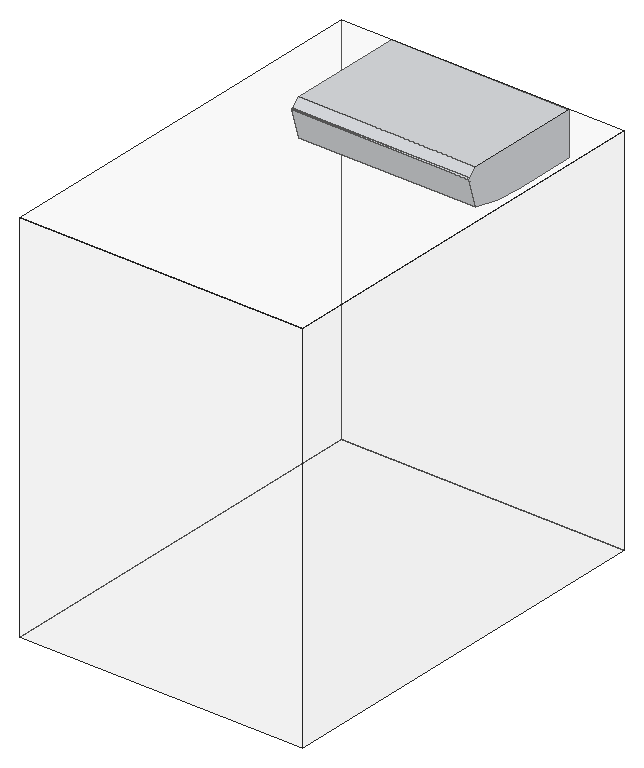
Revit family "pc-rp40160kal20_60hz", category 機械設備, Revit 2019
Family settings
  丸型コネクタ寸法 = 直径を使用
  パーツ タイプ = 標準
  OmniClass 番号 = 23.75.10.24.21.27.27
  OmniClass タイトル = Split System Air Conditioning Units
  作業面ベース = いいえ
  常に垂直 = はい
  ロード時にボイドで切り取り = いいえ
  共有 = いいえ
  部屋計算ポイント = はい
Parameters (values of type "天吊_PC-RP40KA20")
  風量_静 (㎥/min) = 9
  風量_弱 (㎥/min) = 10
  風量_中 (㎥/min) = 11
  風量_強 (㎥/min) = 13
  風量 = MAX風量  # 780.0 m³/h
  音響パワーレベル_静 (dB) = 48
  音響パワーレベル_弱 (dB) = 50
  音響パワーレベル_中 (dB) = 53
  音響パワーレベル(dB) = [音響パワーレベル_強 (dB)]  # 55
  音響パワーレベル_強 (dB) = 55
  電源種別 = ""
  電源_H = 0 mm
  電圧 = 0 V
  電動機出力_送風機 = 0.09 kW
  運転質量 = 0.00 kg
  連動 = ""
  質量 = if(製品質量 > 運転質量, 製品質量, 運転質量) * 1.2  # 28.80 kg
  負荷分類 = 3_ファン類
  説明 = "店舗・事務所用パッケージエアコン(Mr.SLIM) [本体] 天吊形室内機"
  設計暖房能力 = 0.00 kW
  設計冷房能力_顕熱 = 0 kW
  設計冷房能力 = 0 kW
  設置方法 = "天井吊形"
  記号 = ""
  製造元 = "三菱電機株式会社"
  製品質量 = 24.00 kg
  製品出荷対象 = "国内"
  製品リリース年月 = ""
  製品グループ = ""
  背面_液管接続口 = 184 mm
  背面_ドレン管接続口 = 233 mm
  背面_ガス管接続口 = 203 mm
  系統 = ""
  符号 = "ACP-CR"
  積算_科目 = "1 空気調和設備"
  積算_拾い区分 [instance] = ""
  相 = 1
  盤記号 = ""
  発停方法 = "付属スイッチ"
  特殊仕様 = ""
  点検口離隔 [instance] = if(点検口離隔入力値 > 200 mm, 200 mm, if(点検口離隔入力値 < 150 mm, 150 mm, 点検口離隔入力値))  # 150 mm
  点検口離隔入力値 [instance] = 0 mm
  点検口設置範囲 = 0 mm
  点検口 = yes
  火災停止 = ""
  消費電力_暖房 = 0.04 kW
  消費電力_冷房 = 0.05 kW
  消費電力 = if(消費電力_冷房 > 消費電力_暖房, 消費電力_冷房, 消費電力_暖房)  # 0.05 kW
  法定耐用年数 = "6"
  極数 = 1
  材質 = ""
  本体マテリアル = none
  有効加湿量 = 0
  暖房能力 = 4.00 kW
  推奨ブレーカー容量 = 0 A
  形式_加湿器 = ""
  形式 = "天井吊（露出）形"
  幹線記号 = ""
  始動方式 = "直入"
  呼称 = "室内機_天井吊(露出)形"
  周波数 = 60 Hz
  吊り位置Y = 320 mm
  吊り位置X = 917 mm
  吊りボルト_H = 50 mm
  台数_手元リモコン = ""
  台数_冷媒分岐ユニット = ""
  参照している仕様書等のバージョン = "公共建築物標準仕様書（機械設備工事編）平成31年度版"
  加湿給水管径 = 0 mm
  分類コード = "5.0053E+13"
  分類グループ = ""
  冷房能力 = 3.6 kW
  冷媒高低圧ガス管径 = 0 mm
  冷媒管径符号 = "Ac"
  冷媒管径 = 100 mm
  冷媒液管高さ = 126 mm
  冷媒液管径 = 6.35 mm
  冷媒ガス管高さ = 126 mm
  冷媒ガス管径 = 12.7 mm
  価格 = 0
  企業コード = "108420"
  付属品_フィルター = ""
  付属品 = ""
  仕様書バージョン = "Version1.0"
  モデル = "PC-RP40KA20"
  パネルマテリアル = none
  ドレン管高さ = 190 mm
  ドレン管径 (外径) = 26 mm
  ドレン管径 = 20 mm
  サービススペース = yes
  コメント [instance] = ""
  ケーブル種類1 = ""
  ケーブルサイズ1 = 0 mm
  【値が 0 の項目は組合せ形名にてご確認ください】 = ""
  Width = 960 mm
  Version = ""
  Uniclass2015Version = "Systems v1.9"
  Uniclass2015Title = "Split coil remote air cooled condensing units"
  Uniclass2015Code = "Pr_70_65_03_84"
  URL = "https://www.mitsubishielectric.co.jp/ldg/wink/ssl/top.do"
  SpecificationReference = ""
  SpecificationDescription = ""
  Revision = ""
  ProductInformation = ""
  OmniClassCode = "23-33 17 13 11"
  MIN風量 = [風量_静 (㎥/min)] * 60.0 m³/h  # 540.0 m³/h
  MID風量2 = [風量_弱 (㎥/min)] * 60.0 m³/h  # 600.0 m³/h
  MID風量 = [風量_中 (㎥/min)] * 60.0 m³/h  # 660.0 m³/h
  MAX風量 = [風量_強 (㎥/min)] * 60.0 m³/h  # 780.0 m³/h
  IfcTypeProduct = ""
  IfcProduct = ""
  IfcExportType = "AIRCONDITIONINGUNIT"
  IfcExportAs = "IfcUnitaryEquipmentType"
  Height_本体 = 230 mm
  Height = Height_本体 + 6 mm  # 236 mm
  Depth = 680 mm
  Clearance Top = 1 mm
  Clearance Right = 300 mm
  Clearance Left = 270 mm
  Clearance Front = 1500 mm
  Clearance Bottom = 1800 mm
  Clearance Back = 0 mm
  Author = "三菱電機株式会社"
Types (20, lengths in mm): name | 風量_静 (㎥/min) | 風量_弱 (㎥/min) | 風量_中 (㎥/min) | 風量_強 (㎥/min) | 風量 | 音響パワーレベル_静 (dB) | 音響パワーレベル_弱 (dB) | 音響パワーレベル_中 (dB) | 音響パワーレベル(dB) | 音響パワーレベル_強 (dB) | 電動機出力_送風機 | 質量 | 製品質量 | 製品リリース年月 | 背面_液管接続口 | 背面_ガス管接続口 | 消費電力_暖房 | 消費電力_冷房 | 消費電力 | 暖房能力 | 吊り位置X | 冷房能力 | 冷媒管径符号 | 冷媒液管径 | 冷媒ガス管径 | モデル | Width | MIN風量 | MID風量2 | MID風量 | MAX風量
  天吊_PC-RP45KAL20 | 9 | 10 | 11 | 13 | 780.0 m³/h | 48 | 50 | 53 | 55 | 55 | 0.09 kW | 28.80 kg | 24.00 kg | "" | 184 | 203 | 0.04 kW | 0.05 kW | 0.05 kW | 4.50 kW | 917 | 4 kW | "Ac" | 6.35 | 12.7 | "PC-RP45KAL20" | 960 | 540.0 m³/h | 600.0 m³/h | 660.0 m³/h | 780.0 m³/h
  天吊_PC-RP56KAL20 | 10 | 11 | 12 | 13 | 780.0 m³/h | 48 | 50 | 53 | 55 | 55 | 0.09 kW | 30.00 kg | 25.00 kg | "" | 184 | 203 | 0.05 kW | 0.06 kW | 0.06 kW | 5.60 kW | 917 | 5 kW | "Ac" | 6.35 | 12.7 | "PC-RP56KAL20" | 960 | 600.0 m³/h | 660.0 m³/h | 720.0 m³/h | 780.0 m³/h
  天吊_PC-RP71KAL20 | 13 | 16 | 18 | 20 | 1200.0 m³/h | 50 | 53 | 55 | 57 | 57 | 0.095 kW | 38.40 kg | 32.00 kg | "" | 180 | 200 | 0.09 kW | 0.10 kW | 0.10 kW | 7.10 kW | 1237 | 6.3 kW | "Bd" | 9.52 | 15.88 | "PC-RP71KAL20" | 1280 | 780.0 m³/h | 960.0 m³/h | 1080.0 m³/h | 1200.0 m³/h
  天吊_PC-RP80KAL20 | 13 | 16 | 18 | 20 | 1200.0 m³/h | 50 | 53 | 55 | 57 | 57 | 0.095 kW | 38.40 kg | 32.00 kg | "" | 180 | 200 | 0.09 kW | 0.10 kW | 0.10 kW | 8.00 kW | 1237 | 7.1 kW | "Bd" | 9.52 | 15.88 | "PC-RP80KAL20" | 1280 | 780.0 m³/h | 960.0 m³/h | 1080.0 m³/h | 1200.0 m³/h
  天吊_PC-RP112KAL20 | 20 | 22 | 26 | 29 | 1740.0 m³/h | 54 | 56 | 59 | 62 | 62 | 0.16 kW | 45.60 kg | 38.00 kg | "" | 180 | 200 | 0.11 kW | 0.12 kW | 0.12 kW | 11.20 kW | 1557 | 10 kW | "Bd" | 9.52 | 15.88 | "PC-RP112KAL20" | 1600 | 1200.0 m³/h | 1320.0 m³/h | 1560.0 m³/h | 1740.0 m³/h
  天吊_PC-RP140KAL20 | 21 | 24 | 27 | 31 | 1860.0 m³/h | 56 | 58 | 61 | 63 | 63 | 0.16 kW | 45.60 kg | 38.00 kg | "0" | 180 | 200 | 0.13 kW | 0.14 kW | 0.14 kW | 14.00 kW | 1557 | 12.5 kW | "Bd" | 9.52 | 15.88 | "PC-RP140KAL20" | 1600 | 1260.0 m³/h | 1440.0 m³/h | 1620.0 m³/h | 1860.0 m³/h
  天吊_PC-RP160KAL20 | 22 | 25 | 28 | 33 | 1980.0 m³/h | 58 | 60 | 62 | 65 | 65 | 0.16 kW | 45.60 kg | 38.00 kg | "" | 180 | 200 | 0.16 kW | 0.17 kW | 0.17 kW | 16.00 kW | 1557 | 14 kW | "Bd" | 9.52 | 15.88 | "PC-RP160KAL20" | 1600 | 1320.0 m³/h | 1500.0 m³/h | 1680.0 m³/h | 1980.0 m³/h
  天吊_PC-RP63KAL20 | 12 | 14 | 15 | 17 | 1020.0 m³/h | 49 | 51 | 53 | 55 | 55 | 0.095 kW | 38.40 kg | 32.00 kg | "" | 184 | 203 | 0.06 kW | 0.07 kW | 0.07 kW | 6.30 kW | 1237 | 5.6 kW | "Ac" | 6.35 | 12.7 | "PC-RP63KAL20" | 1280 | 720.0 m³/h | 840.0 m³/h | 900.0 m³/h | 1020.0 m³/h
  天吊_PC-RP40KAL20 | 9 | 10 | 11 | 13 | 780.0 m³/h | 48 | 50 | 53 | 55 | 55 | 0.09 kW | 28.80 kg | 24.00 kg | "" | 184 | 203 | 0.04 kW | 0.05 kW | 0.05 kW | 4.00 kW | 917 | 3.6 kW | "Ac" | 6.35 | 12.7 | "PC-RP40KAL20" | 960 | 540.0 m³/h | 600.0 m³/h | 660.0 m³/h | 780.0 m³/h
  天吊_PC-RP50KAL20 | 10 | 11 | 12 | 13 | 780.0 m³/h | 48 | 50 | 53 | 55 | 55 | 0.09 kW | 30.00 kg | 25.00 kg | "" | 184 | 203 | 0.05 kW | 0.06 kW | 0.06 kW | 5.00 kW | 917 | 4.5 kW | "Ac" | 6.35 | 12.7 | "PC-RP50KAL20" | 960 | 600.0 m³/h | 660.0 m³/h | 720.0 m³/h | 780.0 m³/h
  天吊_PC-RP112KA20 | 20 | 22 | 26 | 29 | 1740.0 m³/h | 54 | 56 | 59 | 62 | 62 | 0.16 kW | 45.60 kg | 38.00 kg | "" | 180 | 200 | 0.11 kW | 0.12 kW | 0.12 kW | 11.20 kW | 1557 | 10 kW | "Bd" | 9.52 | 15.88 | "PC-RP112KA20" | 1600 | 1200.0 m³/h | 1320.0 m³/h | 1560.0 m³/h | 1740.0 m³/h
  天吊_PC-RP140KA20 | 21 | 24 | 27 | 31 | 1860.0 m³/h | 56 | 58 | 61 | 63 | 63 | 0.16 kW | 45.60 kg | 38.00 kg | "" | 180 | 200 | 0.13 kW | 0.14 kW | 0.14 kW | 14.00 kW | 1557 | 12.5 kW | "Bd" | 9.52 | 15.88 | "PC-RP140KA20" | 1600 | 1260.0 m³/h | 1440.0 m³/h | 1620.0 m³/h | 1860.0 m³/h
  天吊_PC-RP160KA20 | 22 | 25 | 28 | 33 | 1980.0 m³/h | 58 | 60 | 62 | 65 | 65 | 0.16 kW | 45.60 kg | 38.00 kg | "" | 180 | 200 | 0.16 kW | 0.17 kW | 0.17 kW | 16.00 kW | 1557 | 14 kW | "Bd" | 9.52 | 15.88 | "PC-RP160KA20" | 1600 | 1320.0 m³/h | 1500.0 m³/h | 1680.0 m³/h | 1980.0 m³/h
  天吊_PC-RP40KA20 | 9 | 10 | 11 | 13 | 780.0 m³/h | 48 | 50 | 53 | 55 | 55 | 0.09 kW | 28.80 kg | 24.00 kg | "" | 184 | 203 | 0.04 kW | 0.05 kW | 0.05 kW | 4.00 kW | 917 | 3.6 kW | "Ac" | 6.35 | 12.7 | "PC-RP40KA20" | 960 | 540.0 m³/h | 600.0 m³/h | 660.0 m³/h | 780.0 m³/h
  天吊_PC-RP45KA20 | 9 | 10 | 11 | 13 | 780.0 m³/h | 48 | 50 | 53 | 55 | 55 | 0.09 kW | 28.80 kg | 24.00 kg | "" | 184 | 203 | 0.04 kW | 0.05 kW | 0.05 kW | 4.50 kW | 917 | 4 kW | "Ac" | 6.35 | 12.7 | "PC-RP45KA20" | 960 | 540.0 m³/h | 600.0 m³/h | 660.0 m³/h | 780.0 m³/h
  天吊_PC-RP50KA20 | 10 | 11 | 12 | 13 | 780.0 m³/h | 48 | 50 | 53 | 55 | 55 | 0.09 kW | 30.00 kg | 25.00 kg | "" | 184 | 203 | 0.05 kW | 0.06 kW | 0.06 kW | 5.00 kW | 917 | 4.5 kW | "Ac" | 6.35 | 12.7 | "PC-RP50KA20" | 960 | 600.0 m³/h | 660.0 m³/h | 720.0 m³/h | 780.0 m³/h
  天吊_PC-RP56KA20 | 10 | 11 | 12 | 13 | 780.0 m³/h | 48 | 50 | 53 | 55 | 55 | 0.09 kW | 30.00 kg | 25.00 kg | "" | 184 | 203 | 0.05 kW | 0.06 kW | 0.06 kW | 5.60 kW | 917 | 5 kW | "Ac" | 6.35 | 12.7 | "PC-RP56KA20" | 960 | 600.0 m³/h | 660.0 m³/h | 720.0 m³/h | 780.0 m³/h
  天吊_PC-RP63KA20 | 12 | 14 | 15 | 17 | 1020.0 m³/h | 49 | 51 | 53 | 55 | 55 | 0.095 kW | 38.40 kg | 32.00 kg | "" | 184 | 203 | 0.06 kW | 0.07 kW | 0.07 kW | 6.30 kW | 1237 | 5.6 kW | "Ac" | 6.35 | 12.7 | "PC-RP63KA20" | 1280 | 720.0 m³/h | 840.0 m³/h | 900.0 m³/h | 1020.0 m³/h
  天吊_PC-RP71KA20 | 13 | 16 | 18 | 20 | 1200.0 m³/h | 50 | 53 | 55 | 57 | 57 | 0.095 kW | 38.40 kg | 32.00 kg | "" | 180 | 200 | 0.09 kW | 0.10 kW | 0.10 kW | 7.10 kW | 1237 | 6.3 kW | "Bd" | 9.52 | 15.88 | "PC-RP71KA20" | 1280 | 780.0 m³/h | 960.0 m³/h | 1080.0 m³/h | 1200.0 m³/h
  天吊_PC-RP80KA20 | 13 | 16 | 18 | 20 | 1200.0 m³/h | 50 | 53 | 55 | 57 | 57 | 0.095 kW | 38.40 kg | 32.00 kg | "" | 180 | 200 | 0.09 kW | 0.10 kW | 0.10 kW | 8.00 kW | 1237 | 7.1 kW | "Bd" | 9.52 | 15.88 | "PC-RP80KA20" | 1280 | 780.0 m³/h | 960.0 m³/h | 1080.0 m³/h | 1200.0 m³/h
Reference planes
  plane 1 "中心(正面/背面)": y = 0
  plane 2: z = 0
  plane 3 "中心(左/右)": x = 0
  plane 4: z = 236
  plane 5: y = 260
  plane 6: y = -60
  plane 7: y = 340
  plane 8: y = -340
  plane 9: x = -480
  plane 10: x = 480
  plane 11: x = -750
  plane 12: x = 780
  plane 13 "back": y = 340
  plane 14: y = -1840
  plane 15: z = 237
  plane 16: z = -1800
  plane 17: x = 394
  plane 18: x = 309
  plane 19: z = 110
  plane 20 "液管": y = 156
  plane 21: y = 340
  plane 22 "ガス管": y = 137
  plane 23 "ドレン管": y = 107
  plane 24: x = 342
  plane 25: z = 46
  plane 26: x = -405
  plane 27: x = 351.5
Forms (mm)
  Extrusion 1, solid, detail levels fine
    sketch origin (0, 156, 0) x (0, 0, -1) y (1, 0, 0)
      loop
        circle (-110, 309) r 3.175
    from 0 to 100
  Extrusion 2, solid, detail levels fine
    sketch origin (0, 137, 0) x (0, 0, -1) y (1, 0, 0)
      loop
        circle (-110, 394) r 6.35
    from 0 to 100
  Extrusion 3, solid, detail levels fine
    sketch origin (0, 107, 0) x (0, 0, -1) y (1, 0, 0)
      loop
        circle (-46, 342) r 13
    from 0 to 100
  Extrusion 4, solid, detail levels fine
    sketch origin (0, 107, 0) x (0, 0, -1) y (1, 0, 0)
      loop
        circle (-46, -405) r 13
    from 0 to 100
  Extrusion 5, solid, detail levels fine
    sketch origin (0, 137, 0) x (0, 0, -1) y (1, 0, 0)
      loop
        circle (-110, 351.5) r 50
    from 0 to 120
Dimensions and locks
  "吊り位置Y": plane 6 to plane 5
  equal spacing: plane 8, plane 1 "中心(正面/背面)", plane 7
  "Depth": plane 8 to plane 7
  equal spacing: plane 9, plane 3 "中心(左/右)", plane 10
  "Width": plane 9 to plane 10
  "Clearance Back": plane 7 to plane 13 "back"
  "Clearance Front": plane 14 to plane 8
  "Clearance Right": plane 10 to plane 12
  "Clearance Left": plane 11 to plane 9
  "Height": plane 4 to level
  locked: plane 5 to plane 7 at 80
  "Clearance Bottom": level to plane 16
  "Clearance Top": plane 15 to plane 4
  plane 10 to plane 9 = 960 mm
  "背面_液管接続口": plane 20 "液管" to plane 21
  "背面_ガス管接続口": plane 22 "ガス管" to plane 21
  "背面_ドレン管接続口": plane 23 "ドレン管" to plane 21
  "冷媒ガス管高さ": plane 4 to plane 19
  "ドレン管高さ": plane 4 to plane 25
  plane 17 to plane 27 to plane 18 = 42.5 mm, 42.5 mm
  locked: plane 10 to plane 17 at 86
  locked: plane 17 to plane 18 at 85
  locked: plane 10 to plane 24 at 138
  locked: plane 26 to plane 9 at 75
  diameter of Extrusion 2 = 12.7 mm
  diameter of Extrusion 1 = 6.35 mm
  "ドレン管径 (外径)": diameter of Extrusion 3
  "ドレン管径 (外径)": diameter of Extrusion 4
  aligned and locked: level to plane 2
  aligned and locked: nested 2 to plane 5
  aligned and locked: plane 6 to nested 2
  aligned and locked: nested 1 to plane 11
  aligned and locked: nested 1 to plane 12
  aligned and locked: plane 14 to nested 1
  aligned and locked: plane 13 "back" to nested 1
  aligned and locked: plane 15 to nested 1
  aligned and locked: plane 1 "中心(正面/背面)" to nested 3
  aligned and locked: plane 3 "中心(左/右)" to nested 3
  aligned and locked: plane 16 to nested 1
  aligned and locked: Extrusion 1 to plane 20 "液管"
  aligned and locked: Extrusion 2 to plane 22 "ガス管"
  aligned and locked: Extrusion 3 to plane 23 "ドレン管"
  aligned and locked: Extrusion 4 to plane 23 "ドレン管"
Automatic sketch dimensions
  Extrusion 1 sketch curve to plane 18 = 0 mm
  Extrusion 1 sketch curve to plane 19 = 0 mm
  Extrusion 2 sketch curve to plane 17 = 0 mm
  Extrusion 2 sketch curve to plane 19 = 0 mm
  Extrusion 3 sketch curve to plane 24 = 0 mm
  Extrusion 3 sketch curve to plane 25 = 0 mm
  Extrusion 4 sketch curve to plane 25 = 0 mm
  Extrusion 4 sketch curve to plane 26 = 0 mm
  Extrusion 5 sketch curve to plane 19 = 0 mm
  Extrusion 5 sketch curve to plane 27 = 0 mm
  radius of Extrusion 1 sketch curve = 3.175 mm
  radius of Extrusion 2 sketch curve = 6.35 mm
  radius of Extrusion 3 sketch curve = 13 mm
  radius of Extrusion 4 sketch curve = 13 mm
  radius of Extrusion 5 sketch curve = 50 mm
Nested families
  nested 1: "サービススペース" at (15, -750, -781.5), visible <- "サービススペース", type "サービススペース"
    with Width 1530 mm, Height 2037 mm, Depth 2180 mm
  nested 2: "固定点" at (-458.5, -60, 0), type "固定点"
    with W 917 mm, D 320 mm
  nested 3: "PCFY-P-KMG" at (0, 0, 0), type "PCFY-P-KMG", detail levels fine
Connectors
  electrical at (196, 339, 206), driven by "極数", driven by "負荷分類", driven by "電圧", driven by "消費電力"
    settings: on nested 3, index 1, voltage 0 V, apparent load 50 VA, apparent load phase1 0 VA, apparent load phase2 0 VA, apparent load phase3 0 VA, power factor 1, load classification "3_ファン類", number of poles 1, system type 30, power factor state 1, is connector primary yes, connector utility no, sub classification motor no, connector description ""
  piping at (351.5, 137, 110), diameter 100, driven by "冷媒管径"
    settings: on Extrusion 5, index 2, connector inside diameter 609.6 mm, connector length 0 mm, flow factor 0, pipe flow 0.0 L/s, pressure drop 0.0 Pa, fitting loss kfactor 0, connector angle 0.00°, fixture units 0, engagement length 0 mm, angle of deflection 0.00°, flow configuration 1, flow direction 1, fitting loss method 4, system type 7, joint type 0, gender type 0, connector reference index -1, connector utility 0, adjustable connector no, is connector primary yes, connector description "冷媒管"
  piping at (342, 107, 46), diameter 20, driven by "ドレン管径"
    settings: on Extrusion 3, index 3, connector inside diameter 609.6 mm, connector length 0 mm, flow factor 0, pipe flow 0.0 L/s, pressure drop 0.0 Pa, fitting loss kfactor 0, connector angle 0.00°, fixture units 0, engagement length 0 mm, angle of deflection 0.00°, flow configuration 1, flow direction 2, fitting loss method 0, system type 16, joint type 0, gender type 0, connector reference index -1, connector utility 0, adjustable connector no, is connector primary no, connector description "ドレン管1"
  piping at (-405, 107, 46), diameter 20, driven by "ドレン管径"
    settings: on Extrusion 4, index 4, connector inside diameter 609.6 mm, connector length 0 mm, flow factor 0, pipe flow 0.0 L/s, pressure drop 0.0 Pa, fitting loss kfactor 0, connector angle 0.00°, fixture units 0, engagement length 0 mm, angle of deflection 0.00°, flow configuration 1, flow direction 2, fitting loss method 0, system type 16, joint type 0, gender type 0, connector reference index -1, connector utility 0, adjustable connector no, is connector primary no, connector description "ドレン管2"
Definition of nested family "サービススペース"
  Parameters (values of type "サービススペース")
    Width [instance] = 500 mm
    Height [instance] = 500 mm
    Depth [instance] = 500 mm
  Reference planes
    plane 1 "中心(正面/背面)": y = 0
    plane 2: z = 0
    plane 3 "中心(左/右)": x = 0
    plane 4: y = -250
    plane 5: x = 250
    plane 6: y = 250
    plane 7: x = -250
    plane 8: z = 250
    plane 9: z = -250
  Forms (mm)
    Extrusion 1, solid
      sketch origin (-638.939, 0, 72.39) x (1, 0, 0) y (0, 1, 0)
        loop
          line (388.939, 250) -> (388.939, -250) -> (888.939, -250) -> (888.939, 250) -> (388.939, 250)
      from -322.39 to 177.61
  Lines and regions (mm)
    symbolic lines
      curve 1: line (-250, 0, 250) -> (250, 0, 250)
      curve 2: line (-250, 0, -250) -> (-250, 0, 250)
      curve 3: line (250, 0, -250) -> (-250, 0, -250)
      curve 4: line (250, 0, 250) -> (250, 0, -250)
      curve 5: line (0, -250, 250) -> (0, 250, 250)
      curve 6: line (0, -250, -250) -> (0, -250, 250)
      curve 7: line (0, 250, -250) -> (0, -250, -250)
      curve 8: line (0, 250, 250) -> (0, 250, -250)
      curve 9: line (-250, 250, 0) -> (250, 250, 0)
      curve 10: line (-250, -250, 0) -> (-250, 250, 0)
      curve 11: line (250, -250, 0) -> (-250, -250, 0)
      curve 12: line (250, 250, 0) -> (250, -250, 0)
  Dimensions and locks
    equal spacing: plane 7, plane 3 "中心(左/右)", plane 5
    equal spacing: plane 4, plane 1 "中心(正面/背面)", plane 6
    "Depth": plane 4 to plane 6
    "Width": plane 7 to plane 5
    equal spacing: plane 8, plane 2, plane 9
    "Height": plane 8 to plane 9
    aligned and locked: plane 9 to curve 3
    aligned and locked: plane 7 to curve 2
    aligned and locked: curve 4 to plane 5
    aligned and locked: plane 5 to Extrusion 1
    aligned and locked: Extrusion 1 to plane 7
    aligned and locked: Extrusion 1 to plane 9
    aligned and locked: plane 8 to Extrusion 1
    aligned and locked: plane 9 to curve 7
  Automatic sketch dimensions
    plane 4 to Extrusion 1 sketch curve = 0 mm
    Extrusion 1 sketch curve to plane 7 = 0 mm
    Extrusion 1 sketch curve to plane 5 = 0 mm
    plane 6 to Extrusion 1 sketch curve = 0 mm
    curve 2 to plane 8 = 0 mm
    plane 4 to curve 11 = 0 mm
    curve 11 to plane 7 = 0 mm
    curve 11 to plane 5 = 0 mm
    plane 6 to curve 10 = 0 mm
    curve 7 to plane 4 = 0 mm
    curve 7 to plane 6 = 0 mm
    curve 6 to plane 8 = 0 mm
Definition of nested family "PCFY-P-KMG"
  Parameters (values of type "PCFY-P-KMG")
    配線取出口サイズ = 22 mm
    配線取出口-Z = 0 mm
    配線取出口-Y = 0 mm
    配線取出口-X = 0 mm
    液配管サイズ = 100 mm
    高さ = 236 mm
    奥行き = 680 mm
    吊りボルト_H = 50 mm
    冷媒配管サイズ = 6.35 mm
    冷媒液管径-Z = 0 mm
    冷媒液管径-Y = 0 mm
    冷媒液管径-X = 0 mm
    冷媒ガス管径-Z = 0 mm
    冷媒ガス管径-Y = 0 mm
    冷媒ガス管径-X = 0 mm
    吊りボルト-W = 917 mm
    マテリアル = none
    ドレン配管サイズ = 26 mm
    ドレン管径-Z = 0 mm
    ドレン管径-Y = 0 mm
    ドレン管径-X = 0 mm
    ガス配管サイズ = 12.7 mm
    吊りボルト-D = 320 mm
    幅さ = 960 mm
  Reference planes
    plane 1 "中心(正面/背面)": y = 0
    plane 2: z = 0
    plane 3 "中心(左/右)": x = 0
    plane 4: z = 236
    plane 5: x = -480
    plane 6: x = 480
    plane 7: y = 340
    plane 8: y = -340
    plane 9: y = -289
    plane 10: y = -330
    plane 11: y = -335
    plane 12: z = 84
    plane 13: z = 172
    plane 14: z = 195
    plane 15: z = 200
    plane 16: z = 40
    plane 17: x = -426.5
    plane 18: x = 426.5
    plane 19: y = -136
    plane 20: y = -193
    plane 21: y = 86
    plane 22: z = 110
    plane 23: x = -469
    plane 24: y = 156
    plane 25: y = 137
    plane 26: y = 94
    plane 27: x = -158
    plane 28: z = 206
    plane 29: x = 196
    plane 30: x = 158
    plane 31: y = 140
  Forms (mm)
    Extrusion 1, solid, material <- "マテリアル"
      sketch origin (480, 1296.25, 1200) x (0, 1, 0) y (0, 0, 1)
        loop
          line (-1585.25, -964) -> (-1626.25, -1000) -> (-1631.25, -1000) -> (-1636.25, -1005) -> (-1585.25, -1160)
          arc (-1585.25, -1160) -> (-1442.128, -1189.953) -> (-1296.25, -1200) r 1064.013
          line (-1296.25, -1200) -> (-956.25, -1200) -> (-956.25, -964) -> (-1585.25, -964)
      from -960 to 0
    Extrusion 2, solid, material <- "マテリアル"
      sketch origin (674, 0, 0) x (1, 0, 0) y (0, 0, 1)
        loop
          circle (-478, 206) r 11
      from -339 to -340
    Extrusion 3, solid, material <- "マテリアル"
      sketch origin (636, 0, 0) x (1, 0, 0) y (0, 0, 1)
        loop
          circle (-478, 206) r 11
      from -339 to -340
    Extrusion 4, solid, material <- "マテリアル"
      sketch origin (674, 0, -169) x (1, 0, 0) y (0, 0, 1)
        loop
          circle (-478, 206) r 11
      from -339 to -340
    Extrusion 5, solid, material <- "マテリアル"
      sketch origin (636, 0, -169) x (1, 0, 0) y (0, 0, 1)
        loop
          circle (-478, 206) r 11
      from -339 to -340
  Lines and regions (mm)
    model lines
      curve 1: line (426.5, -303.59, 84.341) -> (426.5, -332.355, 171.766)
      curve 2: line (426.5, -332.355, 171.766) -> (-426.5, -332.355, 171.766)
      curve 3: line (-426.5, -303.59, 84.341) -> (426.5, -303.59, 84.341)
      curve 4: line (-426.5, -332.355, 171.766) -> (-426.5, -303.59, 84.341)
      curve 5: line (-426.5, 310, 0) -> (-426.5, 86, 0)
      curve 6: line (426.5, 310, 0) -> (426.5, 86, 0)
      curve 7: line (426.5, 310, 0) -> (-426.5, 310, 0)
      curve 8: line (426.5, 86, 0) -> (-426.5, 86, 0)
      curve 9: line (426.5, 294, 0) -> (-426.5, 294, 0)
      curve 10: line (426.5, 278, 0) -> (-426.5, 278, 0)
      curve 11: line (426.5, 262, 0) -> (-426.5, 262, 0)
      curve 12: line (426.5, 246, 0) -> (-426.5, 246, 0)
      curve 13: line (426.5, 230, 0) -> (-426.5, 230, 0)
      curve 14: line (426.5, 214, 0) -> (-426.5, 214, 0)
      curve 15: line (426.5, 198, 0) -> (-426.5, 198, 0)
      curve 16: line (426.5, 182, 0) -> (-426.5, 182, 0)
      curve 17: line (426.5, 166, 0) -> (-426.5, 166, 0)
      curve 18: line (426.5, 150, 0) -> (-426.5, 150, 0)
      curve 19: line (426.5, 134, 0) -> (-426.5, 134, 0)
      curve 20: line (426.5, 118, 0) -> (-426.5, 118, 0)
      curve 21: line (426.5, 102, 0) -> (-426.5, 102, 0)
  Dimensions and locks
    equal spacing: plane 8, plane 1 "中心(正面/背面)", plane 7
    "奥行き": plane 8 to plane 7
    equal spacing: plane 5, plane 3 "中心(左/右)", plane 6
    "幅さ": plane 5 to plane 6
    "高さ": plane 4 to level
    locked: plane 8 to plane 11 at 5
    locked: plane 8 to plane 10 at 10
    locked: plane 8 to plane 9 at 51
    locked: plane 12 to level at 84
    locked: plane 14 to level at 195
    locked: plane 15 to level at 200
    locked: plane 16 to level at 40
    plane 17 to plane 18 = 853 mm
    locked: plane 5 to plane 17 at 53.5
    locked: plane 18 to plane 6 at 53.5
    locked: plane 13 to plane 12 at 88
    locked: plane 20 to plane 19 at 57
    locked: plane 19 to plane 7 at 476
    locked: plane 21 to plane 7 at 254
    locked: plane 4 to plane 22 at 126
    locked: plane 26 to plane 7 at 246
    locked: plane 24 to plane 7 at 184
    locked: plane 25 to plane 7 at 203
    locked: plane 5 to plane 27 at 322
    locked: plane 4 to plane 28 at 30
    plane 6 to plane 29 = 284 mm
    plane 29 to plane 30 = 38 mm
    "配線取出口サイズ": diameter of Extrusion 2 sketch curve
    "配線取出口サイズ": diameter of Extrusion 3 sketch curve
    "配線取出口サイズ": diameter of Extrusion 4 sketch curve
    "配線取出口サイズ": diameter of Extrusion 5 sketch curve
    aligned and locked: level to plane 2
    aligned and locked: Extrusion 1 sketch curve to plane 4
    aligned and locked: Extrusion 1 sketch curve to plane 7
    aligned and locked: Extrusion 1 sketch curve to level
    aligned and locked: plane 15 to Extrusion 1 sketch curve
    aligned and locked: plane 14 to Extrusion 1 sketch curve
    aligned and locked: plane 16 to Extrusion 1 sketch curve
    aligned and locked: Extrusion 1 to plane 5
    aligned and locked: plane 6 to Extrusion 1
    aligned and locked: curve 4 to plane 17
    aligned and locked: plane 18 to curve 1
    aligned and locked: curve 5 to plane 17
    aligned and locked: curve 6 to plane 18
    aligned and locked: curve 8 to plane 21
    aligned and locked: plane 28 to Extrusion 2 sketch curve
    aligned and locked: plane 7 to Extrusion 2
  Automatic sketch dimensions
    plane 7 to curve 7 = 30 mm
    curve 21 to plane 26 = 8 mm
    curve 21 to curve 20 = 16 mm
    plane 25 to curve 19 = 3 mm
    plane 24 to curve 18 = 6 mm
    curve 17 to plane 24 = 10 mm
    curve 17 to curve 16 = 16 mm
    curve 16 to curve 15 = 16 mm
    curve 15 to curve 14 = 16 mm
    curve 14 to curve 13 = 16 mm
    curve 13 to curve 12 = 16 mm
    curve 12 to curve 11 = 16 mm
    curve 11 to curve 10 = 16 mm
    curve 10 to curve 9 = 16 mm
    Extrusion 1 sketch curve to plane 8 = 0 mm
    Extrusion 1 sketch curve to plane 11 = 0 mm
    Extrusion 1 sketch curve to plane 10 = 0 mm
    Extrusion 1 sketch curve to plane 9 = 0 mm  (x2)
    Extrusion 1 sketch curve to plane 1 "中心(正面/背面)" = 0 mm
    Extrusion 1 to curve 1 = 24.459 mm
    curve 3 to Extrusion 1 = 46.68 mm
    Extrusion 1 to curve 4 = 53.5 mm
    Extrusion 1 to curve 3 = 53.5 mm
    Extrusion 2 sketch curve to plane 29 = 0 mm
    Extrusion 3 sketch curve to plane 28 = 0 mm
    Extrusion 3 sketch curve to plane 30 = 0 mm
    Extrusion 4 sketch curve to plane 29 = 0 mm
    Extrusion 4 sketch curve to plane 16 = 3 mm
    Extrusion 5 sketch curve to plane 30 = 0 mm
    Extrusion 5 sketch curve to plane 16 = 3 mm
Definition of nested family "固定点"
  Parameters (values of type "固定点")
    中心円 = 20 mm
    W [instance] = 1000 mm
    D [instance] = 1000 mm
  Reference planes
    plane 1 "中心(正面/背面)": y = 0
    plane 2: z = 0
    plane 3 "中心(左/右)": x = 0
    plane 4: x = 1000
    plane 5: y = 1000
  Lines and regions (mm)
    symbolic lines, detail levels fine
      curve 1: circle (0, 1000, 0) r 10 normal (0, 0, 1)
      curve 2: circle (0, 0, 0) r 10 normal (0, 0, 1)
      curve 3: circle (1000, 1000, 0) r 10 normal (0, 0, 1)
      curve 4: circle (1000, 0, 0) r 10 normal (0, 0, 1)
      curve 5: line (-200, 1000, 0) -> (1200, 1000, 0)
      curve 6: line (-200, 0, 0) -> (1200, 0, 0)
      curve 7: line (0, 1200, 0) -> (0, -200, 0)
      curve 8: line (1000, 1200, 0) -> (1000, -200, 0)
  Dimensions and locks
    "W": plane 3 "中心(左/右)" to plane 4
    "D": plane 1 "中心(正面/背面)" to plane 5
    "中心円": diameter of curve 1
    "中心円": diameter of curve 2
    "中心円": diameter of curve 3
    "中心円": diameter of curve 4
    aligned and locked: level to plane 2
    aligned and locked: plane 5 to curve 1
    aligned and locked: plane 3 "中心(左/右)" to curve 1
    aligned and locked: plane 3 "中心(左/右)" to curve 2
    aligned and locked: plane 1 "中心(正面/背面)" to curve 2
    aligned and locked: plane 4 to curve 3
    aligned and locked: plane 5 to curve 3
    aligned and locked: plane 1 "中心(正面/背面)" to curve 4
    aligned and locked: plane 4 to curve 4
    aligned and locked: plane 1 "中心(正面/背面)" to curve 6
    aligned and locked: curve 7 to plane 3 "中心(左/右)"
    aligned and locked: curve 8 to plane 4
  Automatic sketch dimensions
    curve 5 to plane 5 = 0 mm
    curve 6 to plane 3 "中心(左/右)" = 200 mm
    curve 5 to plane 3 "中心(左/右)" = 200 mm
    curve 4 to curve 6 = 200 mm
    curve 3 to curve 5 = 200 mm
    plane 1 "中心(正面/背面)" to curve 8 = 200 mm
    plane 1 "中心(正面/背面)" to curve 7 = 200 mm
    curve 3 to curve 8 = 200 mm
    curve 1 to curve 7 = 200 mm
